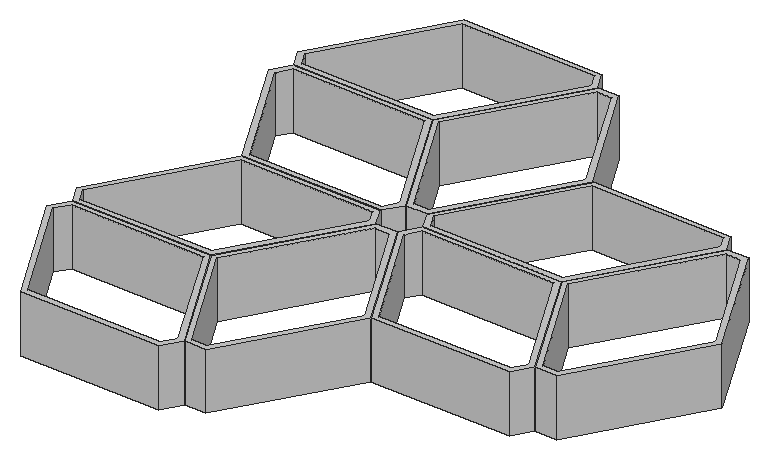
Revit family "CLD-CON-008_RTV", category Modelos genéricos, Revit 2022
Family settings
  Puede alojar armadura = No
  Cota de conector redondo = Diámetro de uso
  Tipo de pieza = Normal
  Se basa en plano de trabajo = No
  Siempre vertical = Sí
  Corte con vacíos al cargar = No
  Mantener orientación de anotación = No
  Compartido = No
  Punto de cálculo de habitación = No
Parameters
  Elevación por defecto = 0.00"
Reference planes (in)
  plane 1 "Centro (Frontal/Posterior)": y = 0
  plane 2: z = 0
  plane 3 "Centro (Izquierda/Derecha)": x = 0
Forms (in)
  Extrusion 1, solid, not visible
    sketch origin (0, 0, 0) x (1, 0, 0) y (0, 1, 0)
      loop
        line (0, 2.25) -> (0, 0) -> (108, 0) -> (108, 2.25) -> (0, 2.25)
    from 0 to 8
  Extrusion 2, solid, not visible
    sketch origin (0, 0, 0) x (1, 0, 0) y (0, 1, 0)
      loop
        line (0, 2.25) -> (0, 0) -> (108, 0) -> (108, 2.25) -> (0, 2.25)
    from 0 to 8
  Extrusion 3, solid, not visible
    sketch origin (0, 8, 0) x (1, 0, 0) y (0, 1, 0)
      loop
        line (0, 2.25) -> (0, 0) -> (108, 0) -> (108, 2.25) -> (0, 2.25)
    from 0 to 8
  Extrusion 4, solid, not visible
    sketch origin (0, 16, 0) x (1, 0, 0) y (0, 1, 0)
      loop
        line (0, 2.25) -> (0, 0) -> (108, 0) -> (108, 2.25) -> (0, 2.25)
    from 0 to 8
  Extrusion 5, solid, not visible
    sketch origin (0, 24, 0) x (1, 0, 0) y (0, 1, 0)
      loop
        line (0, 2.25) -> (0, 0) -> (108, 0) -> (108, 2.25) -> (0, 2.25)
    from 0 to 8
  Extrusion 6, solid, not visible
    sketch origin (0, 32, 0) x (1, 0, 0) y (0, 1, 0)
      loop
        line (0, 2.25) -> (0, 0) -> (108, 0) -> (108, 2.25) -> (0, 2.25)
    from 0 to 8
  Extrusion 7, solid, not visible
    sketch origin (0, 40, 0) x (1, 0, 0) y (0, 1, 0)
      loop
        line (0, 2.25) -> (0, 0) -> (108, 0) -> (108, 2.25) -> (0, 2.25)
    from 0 to 8
  Extrusion 8, solid, not visible
    sketch origin (0, 48, 0) x (1, 0, 0) y (0, 1, 0)
      loop
        line (0, 2.25) -> (0, 0) -> (108, 0) -> (108, 2.25) -> (0, 2.25)
    from 0 to 8
  Extrusion 9, solid, not visible
    sketch origin (0, 56, 0) x (1, 0, 0) y (0, 1, 0)
      loop
        line (0, 2.25) -> (0, 0) -> (108, 0) -> (108, 2.25) -> (0, 2.25)
    from 0 to 8
  Extrusion 10, solid, not visible
    sketch origin (0, 64, 0) x (1, 0, 0) y (0, 1, 0)
      loop
        line (0, 2.25) -> (0, 0) -> (108, 0) -> (108, 2.25) -> (0, 2.25)
    from 0 to 8
  Extrusion 11, solid, not visible
    sketch origin (0, 72, 0) x (1, 0, 0) y (0, 1, 0)
      loop
        line (0, 2.25) -> (0, 0) -> (108, 0) -> (108, 2.25) -> (0, 2.25)
    from 0 to 8
  Extrusion 12, solid, not visible
    sketch origin (0, 80, 0) x (1, 0, 0) y (0, 1, 0)
      loop
        line (0, 2.25) -> (0, 0) -> (108, 0) -> (108, 2.25) -> (0, 2.25)
    from 0 to 8
  Extrusion 13, solid, not visible
    sketch origin (0, 88, 0) x (1, 0, 0) y (0, 1, 0)
      loop
        line (0, 2.25) -> (0, 0) -> (108, 0) -> (108, 2.25) -> (0, 2.25)
    from 0 to 8
  Extrusion 14, solid, not visible
    sketch origin (0, 96, 0) x (1, 0, 0) y (0, 1, 0)
      loop
        line (0, 2.25) -> (0, 0) -> (108, 0) -> (108, 2.25) -> (0, 2.25)
    from 0 to 8
  Extrusion 15, solid, not visible
    sketch origin (0, 104, 0) x (1, 0, 0) y (0, 1, 0)
      loop
        line (0, 2.25) -> (0, 0) -> (108, 0) -> (108, 2.25) -> (0, 2.25)
    from 0 to 8
  Extrusion 16, solid, not visible
    sketch origin (0, 112, 0) x (1, 0, 0) y (0, 1, 0)
      loop
        line (0, 2.25) -> (0, 0) -> (108, 0) -> (108, 2.25) -> (0, 2.25)
    from 0 to 8
  Extrusion 17, solid, not visible
    sketch origin (0, 120, 0) x (1, 0, 0) y (0, 1, 0)
      loop
        line (0, 2.25) -> (0, 0) -> (108, 0) -> (108, 2.25) -> (0, 2.25)
    from 0 to 8
  Extrusion 18, solid, not visible
    sketch origin (0, 128, 0) x (1, 0, 0) y (0, 1, 0)
      loop
        line (0, 2.25) -> (0, 0) -> (108, 0) -> (108, 2.25) -> (0, 2.25)
    from 0 to 8
  Extrusion 19, solid, not visible
    sketch origin (0, 136, 0) x (1, 0, 0) y (0, 1, 0)
      loop
        line (0, 2.25) -> (0, 0) -> (108, 0) -> (108, 2.25) -> (0, 2.25)
    from 0 to 8
  Extrusion 20, solid, not visible
    sketch origin (0, 144, 0) x (1, 0, 0) y (0, 1, 0)
      loop
        line (0, 2.25) -> (0, 0) -> (108, 0) -> (108, 2.25) -> (0, 2.25)
    from 0 to 8
  Extrusion 21, solid, not visible
    sketch origin (0, 152, 0) x (1, 0, 0) y (0, 1, 0)
      loop
        line (0, 2.25) -> (0, 0) -> (108, 0) -> (108, 2.25) -> (0, 2.25)
    from 0 to 8
  Extrusion 22, solid, not visible
    sketch origin (109, 0, 0) x (1, 0, 0) y (0, 1, 0)
      loop
        line (0, 2.25) -> (0, 0) -> (108, 0) -> (108, 2.25) -> (0, 2.25)
    from 0 to 8
  Extrusion 23, solid, not visible
    sketch origin (109, 8, 0) x (1, 0, 0) y (0, 1, 0)
      loop
        line (0, 2.25) -> (0, 0) -> (108, 0) -> (108, 2.25) -> (0, 2.25)
    from 0 to 8
  Extrusion 24, solid, not visible
    sketch origin (109, 16, 0) x (1, 0, 0) y (0, 1, 0)
      loop
        line (0, 2.25) -> (0, 0) -> (108, 0) -> (108, 2.25) -> (0, 2.25)
    from 0 to 8
  Extrusion 25, solid, not visible
    sketch origin (109, 24, 0) x (1, 0, 0) y (0, 1, 0)
      loop
        line (0, 2.25) -> (0, 0) -> (108, 0) -> (108, 2.25) -> (0, 2.25)
    from 0 to 8
  Extrusion 26, solid, not visible
    sketch origin (109, 32, 0) x (1, 0, 0) y (0, 1, 0)
      loop
        line (0, 2.25) -> (0, 0) -> (108, 0) -> (108, 2.25) -> (0, 2.25)
    from 0 to 8
  Extrusion 27, solid, not visible
    sketch origin (109, 40, 0) x (1, 0, 0) y (0, 1, 0)
      loop
        line (0, 2.25) -> (0, 0) -> (108, 0) -> (108, 2.25) -> (0, 2.25)
    from 0 to 8
  Extrusion 28, solid, not visible
    sketch origin (109, 48, 0) x (1, 0, 0) y (0, 1, 0)
      loop
        line (0, 2.25) -> (0, 0) -> (108, 0) -> (108, 2.25) -> (0, 2.25)
    from 0 to 8
  Extrusion 29, solid, not visible
    sketch origin (109, 56, 0) x (1, 0, 0) y (0, 1, 0)
      loop
        line (0, 2.25) -> (0, 0) -> (108, 0) -> (108, 2.25) -> (0, 2.25)
    from 0 to 8
  Extrusion 30, solid, not visible
    sketch origin (109, 64, 0) x (1, 0, 0) y (0, 1, 0)
      loop
        line (0, 2.25) -> (0, 0) -> (108, 0) -> (108, 2.25) -> (0, 2.25)
    from 0 to 8
  Extrusion 31, solid, not visible
    sketch origin (109, 72, 0) x (1, 0, 0) y (0, 1, 0)
      loop
        line (0, 2.25) -> (0, 0) -> (108, 0) -> (108, 2.25) -> (0, 2.25)
    from 0 to 8
  Extrusion 32, solid, not visible
    sketch origin (109, 80, 0) x (1, 0, 0) y (0, 1, 0)
      loop
        line (0, 2.25) -> (0, 0) -> (108, 0) -> (108, 2.25) -> (0, 2.25)
    from 0 to 8
  Extrusion 33, solid, not visible
    sketch origin (109, 88, 0) x (1, 0, 0) y (0, 1, 0)
      loop
        line (0, 2.25) -> (0, 0) -> (108, 0) -> (108, 2.25) -> (0, 2.25)
    from 0 to 8
  Extrusion 34, solid, not visible
    sketch origin (109, 96, 0) x (1, 0, 0) y (0, 1, 0)
      loop
        line (0, 2.25) -> (0, 0) -> (108, 0) -> (108, 2.25) -> (0, 2.25)
    from 0 to 8
  Extrusion 35, solid, not visible
    sketch origin (109, 104, 0) x (1, 0, 0) y (0, 1, 0)
      loop
        line (0, 2.25) -> (0, 0) -> (108, 0) -> (108, 2.25) -> (0, 2.25)
    from 0 to 8
  Extrusion 36, solid, not visible
    sketch origin (109, 112, 0) x (1, 0, 0) y (0, 1, 0)
      loop
        line (0, 2.25) -> (0, 0) -> (108, 0) -> (108, 2.25) -> (0, 2.25)
    from 0 to 8
  Extrusion 37, solid, not visible
    sketch origin (109, 120, 0) x (1, 0, 0) y (0, 1, 0)
      loop
        line (0, 2.25) -> (0, 0) -> (108, 0) -> (108, 2.25) -> (0, 2.25)
    from 0 to 8
  Extrusion 38, solid, not visible
    sketch origin (109, 128, 0) x (1, 0, 0) y (0, 1, 0)
      loop
        line (0, 2.25) -> (0, 0) -> (108, 0) -> (108, 2.25) -> (0, 2.25)
    from 0 to 8
  Extrusion 39, solid, not visible
    sketch origin (109, 136, 0) x (1, 0, 0) y (0, 1, 0)
      loop
        line (0, 2.25) -> (0, 0) -> (108, 0) -> (108, 2.25) -> (0, 2.25)
    from 0 to 8
  Extrusion 40, solid, not visible
    sketch origin (109, 144, 0) x (1, 0, 0) y (0, 1, 0)
      loop
        line (0, 2.25) -> (0, 0) -> (108, 0) -> (108, 2.25) -> (0, 2.25)
    from 0 to 8
  Extrusion 41, solid, not visible
    sketch origin (109, 152, 0) x (1, 0, 0) y (0, 1, 0)
      loop
        line (0, 2.25) -> (0, 0) -> (108, 0) -> (108, 2.25) -> (0, 2.25)
    from 0 to 8
  Extrusion 42, solid, not visible
    sketch origin (-108, 0, 0) x (1, 0, 0) y (0, 1, 0)
      loop
        line (0, 2.25) -> (0, 0) -> (108, 0) -> (108, 2.25) -> (0, 2.25)
    from 0 to 8
  Extrusion 43, solid, not visible
    sketch origin (-108, 8, 0) x (1, 0, 0) y (0, 1, 0)
      loop
        line (0, 2.25) -> (0, 0) -> (108, 0) -> (108, 2.25) -> (0, 2.25)
    from 0 to 8
  Extrusion 44, solid, not visible
    sketch origin (-108, 16, 0) x (1, 0, 0) y (0, 1, 0)
      loop
        line (0, 2.25) -> (0, 0) -> (108, 0) -> (108, 2.25) -> (0, 2.25)
    from 0 to 8
  Extrusion 45, solid, not visible
    sketch origin (-108, 24, 0) x (1, 0, 0) y (0, 1, 0)
      loop
        line (0, 2.25) -> (0, 0) -> (108, 0) -> (108, 2.25) -> (0, 2.25)
    from 0 to 8
  Extrusion 46, solid, not visible
    sketch origin (-108, 32, 0) x (1, 0, 0) y (0, 1, 0)
      loop
        line (0, 2.25) -> (0, 0) -> (108, 0) -> (108, 2.25) -> (0, 2.25)
    from 0 to 8
  Extrusion 47, solid, not visible
    sketch origin (-108, 40, 0) x (1, 0, 0) y (0, 1, 0)
      loop
        line (0, 2.25) -> (0, 0) -> (108, 0) -> (108, 2.25) -> (0, 2.25)
    from 0 to 8
  Extrusion 48, solid, not visible
    sketch origin (1, 0, 0) x (1, 0, 0) y (0, 1, 0)
      loop
        line (0, 2.25) -> (0, 0) -> (108, 0) -> (108, 2.25) -> (0, 2.25)
    from 0 to 8
  Extrusion 49, solid, not visible
    sketch origin (1, 8, 0) x (1, 0, 0) y (0, 1, 0)
      loop
        line (0, 2.25) -> (0, 0) -> (108, 0) -> (108, 2.25) -> (0, 2.25)
    from 0 to 8
  Extrusion 50, solid, not visible
    sketch origin (1, 16, 0) x (1, 0, 0) y (0, 1, 0)
      loop
        line (0, 2.25) -> (0, 0) -> (108, 0) -> (108, 2.25) -> (0, 2.25)
    from 0 to 8
  Extrusion 51, solid, not visible
    sketch origin (1, 24, 0) x (1, 0, 0) y (0, 1, 0)
      loop
        line (0, 2.25) -> (0, 0) -> (108, 0) -> (108, 2.25) -> (0, 2.25)
    from 0 to 8
  Extrusion 52, solid, not visible
    sketch origin (1, 32, 0) x (1, 0, 0) y (0, 1, 0)
      loop
        line (0, 2.25) -> (0, 0) -> (108, 0) -> (108, 2.25) -> (0, 2.25)
    from 0 to 8
  Extrusion 53, solid, not visible
    sketch origin (1, 40, 0) x (1, 0, 0) y (0, 1, 0)
      loop
        line (0, 2.25) -> (0, 0) -> (108, 0) -> (108, 2.25) -> (0, 2.25)
    from 0 to 8
  Extrusion 54, solid, not visible
    sketch origin (-108, 48, 0) x (1, 0, 0) y (0, 1, 0)
      loop
        line (0, 2.25) -> (0, 0) -> (108, 0) -> (108, 2.25) -> (0, 2.25)
    from 0 to 8
  Extrusion 55, solid, not visible
    sketch origin (-108, 56, 0) x (1, 0, 0) y (0, 1, 0)
      loop
        line (0, 2.25) -> (0, 0) -> (108, 0) -> (108, 2.25) -> (0, 2.25)
    from 0 to 8
  Extrusion 56, solid, not visible
    sketch origin (-108, 64, 0) x (1, 0, 0) y (0, 1, 0)
      loop
        line (0, 2.25) -> (0, 0) -> (108, 0) -> (108, 2.25) -> (0, 2.25)
    from 0 to 8
  Extrusion 57, solid, not visible
    sketch origin (-108, 72, 0) x (1, 0, 0) y (0, 1, 0)
      loop
        line (0, 2.25) -> (0, 0) -> (108, 0) -> (108, 2.25) -> (0, 2.25)
    from 0 to 8
  Extrusion 58, solid, not visible
    sketch origin (-108, 80, 0) x (1, 0, 0) y (0, 1, 0)
      loop
        line (0, 2.25) -> (0, 0) -> (108, 0) -> (108, 2.25) -> (0, 2.25)
    from 0 to 8
  Extrusion 59, solid, not visible
    sketch origin (1, 48, 0) x (1, 0, 0) y (0, 1, 0)
      loop
        line (0, 2.25) -> (0, 0) -> (108, 0) -> (108, 2.25) -> (0, 2.25)
    from 0 to 8
  Extrusion 60, solid, not visible
    sketch origin (1, 56, 0) x (1, 0, 0) y (0, 1, 0)
      loop
        line (0, 2.25) -> (0, 0) -> (108, 0) -> (108, 2.25) -> (0, 2.25)
    from 0 to 8
  Extrusion 61, solid, not visible
    sketch origin (1, 64, 0) x (1, 0, 0) y (0, 1, 0)
      loop
        line (0, 2.25) -> (0, 0) -> (108, 0) -> (108, 2.25) -> (0, 2.25)
    from 0 to 8
  Extrusion 62, solid, not visible
    sketch origin (1, 72, 0) x (1, 0, 0) y (0, 1, 0)
      loop
        line (0, 2.25) -> (0, 0) -> (108, 0) -> (108, 2.25) -> (0, 2.25)
    from 0 to 8
  Extrusion 63, solid, not visible
    sketch origin (1, 80, 0) x (1, 0, 0) y (0, 1, 0)
      loop
        line (0, 2.25) -> (0, 0) -> (108, 0) -> (108, 2.25) -> (0, 2.25)
    from 0 to 8
  Extrusion 64, solid, not visible
    sketch origin (-108, 88, 0) x (1, 0, 0) y (0, 1, 0)
      loop
        line (0, 2.25) -> (0, 0) -> (108, 0) -> (108, 2.25) -> (0, 2.25)
    from 0 to 8
  Extrusion 65, solid, not visible
    sketch origin (-108, 96, 0) x (1, 0, 0) y (0, 1, 0)
      loop
        line (0, 2.25) -> (0, 0) -> (108, 0) -> (108, 2.25) -> (0, 2.25)
    from 0 to 8
  Extrusion 66, solid, not visible
    sketch origin (-108, 104, 0) x (1, 0, 0) y (0, 1, 0)
      loop
        line (0, 2.25) -> (0, 0) -> (108, 0) -> (108, 2.25) -> (0, 2.25)
    from 0 to 8
  Extrusion 67, solid, not visible
    sketch origin (-108, 112, 0) x (1, 0, 0) y (0, 1, 0)
      loop
        line (0, 2.25) -> (0, 0) -> (108, 0) -> (108, 2.25) -> (0, 2.25)
    from 0 to 8
  Extrusion 68, solid, not visible
    sketch origin (-108, 120, 0) x (1, 0, 0) y (0, 1, 0)
      loop
        line (0, 2.25) -> (0, 0) -> (108, 0) -> (108, 2.25) -> (0, 2.25)
    from 0 to 8
  Extrusion 69, solid, not visible
    sketch origin (1, 88, 0) x (1, 0, 0) y (0, 1, 0)
      loop
        line (0, 2.25) -> (0, 0) -> (108, 0) -> (108, 2.25) -> (0, 2.25)
    from 0 to 8
  Extrusion 70, solid, not visible
    sketch origin (1, 96, 0) x (1, 0, 0) y (0, 1, 0)
      loop
        line (0, 2.25) -> (0, 0) -> (108, 0) -> (108, 2.25) -> (0, 2.25)
    from 0 to 8
  Extrusion 71, solid, not visible
    sketch origin (1, 104, 0) x (1, 0, 0) y (0, 1, 0)
      loop
        line (0, 2.25) -> (0, 0) -> (108, 0) -> (108, 2.25) -> (0, 2.25)
    from 0 to 8
  Extrusion 72, solid, not visible
    sketch origin (1, 112, 0) x (1, 0, 0) y (0, 1, 0)
      loop
        line (0, 2.25) -> (0, 0) -> (108, 0) -> (108, 2.25) -> (0, 2.25)
    from 0 to 8
  Extrusion 73, solid, not visible
    sketch origin (1, 120, 0) x (1, 0, 0) y (0, 1, 0)
      loop
        line (0, 2.25) -> (0, 0) -> (108, 0) -> (108, 2.25) -> (0, 2.25)
    from 0 to 8
  Extrusion 74, solid, not visible
    sketch origin (-108, 128, 0) x (1, 0, 0) y (0, 1, 0)
      loop
        line (0, 2.25) -> (0, 0) -> (108, 0) -> (108, 2.25) -> (0, 2.25)
    from 0 to 8
  Extrusion 75, solid, not visible
    sketch origin (-108, 136, 0) x (1, 0, 0) y (0, 1, 0)
      loop
        line (0, 2.25) -> (0, 0) -> (108, 0) -> (108, 2.25) -> (0, 2.25)
    from 0 to 8
  Extrusion 76, solid, not visible
    sketch origin (-108, 144, 0) x (1, 0, 0) y (0, 1, 0)
      loop
        line (0, 2.25) -> (0, 0) -> (108, 0) -> (108, 2.25) -> (0, 2.25)
    from 0 to 8
  Extrusion 77, solid, not visible
    sketch origin (-108, 152, 0) x (1, 0, 0) y (0, 1, 0)
      loop
        line (0, 2.25) -> (0, 0) -> (108, 0) -> (108, 2.25) -> (0, 2.25)
    from 0 to 8
  Extrusion 78, solid, not visible
    sketch origin (-108, 160, 0) x (1, 0, 0) y (0, 1, 0)
      loop
        line (0, 2.25) -> (0, 0) -> (108, 0) -> (108, 2.25) -> (0, 2.25)
    from 0 to 8
  Extrusion 79, solid, not visible
    sketch origin (1, 128, 0) x (1, 0, 0) y (0, 1, 0)
      loop
        line (0, 2.25) -> (0, 0) -> (108, 0) -> (108, 2.25) -> (0, 2.25)
    from 0 to 8
  Extrusion 80, solid, not visible
    sketch origin (1, 136, 0) x (1, 0, 0) y (0, 1, 0)
      loop
        line (0, 2.25) -> (0, 0) -> (108, 0) -> (108, 2.25) -> (0, 2.25)
    from 0 to 8
  Extrusion 81, solid, not visible
    sketch origin (1, 144, 0) x (1, 0, 0) y (0, 1, 0)
      loop
        line (0, 2.25) -> (0, 0) -> (108, 0) -> (108, 2.25) -> (0, 2.25)
    from 0 to 8
  Extrusion 82, solid, not visible
    sketch origin (1, 152, 0) x (1, 0, 0) y (0, 1, 0)
      loop
        line (0, 2.25) -> (0, 0) -> (108, 0) -> (108, 2.25) -> (0, 2.25)
    from 0 to 8
  Extrusion 83, solid, not visible
    sketch origin (1, 160, 0) x (1, 0, 0) y (0, 1, 0)
      loop
        line (0, 2.25) -> (0, 0) -> (108, 0) -> (108, 2.25) -> (0, 2.25)
    from 0 to 8
  Extrusion 84, solid, not visible
    sketch origin (0, 0, 0) x (1, 0, 0) y (0, 1, 0)
      loop
        line (0, 3) -> (0, 0) -> (108, 0) -> (108, 3) -> (0, 3)
    from 0 to 8
  Extrusion 85, void, not visible
    sketch origin (0, 0, 0) x (1, 0, 0) y (0, 1, 0)
      loop
        line (6, 2) -> (6, 1) -> (66, 1) -> (66, 2) -> (6, 2)
    from 0 to 1.03
  Extrusion 86, solid, not visible
    sketch origin (0, 0, 0) x (1, 0, 0) y (0, 1, 0)
      loop
        line (0, 3) -> (0, 0) -> (108, 0) -> (108, 3) -> (0, 3)
    from 0 to 8
  Extrusion 87, void, not visible
    sketch origin (0, 0, 0) x (1, 0, 0) y (0, 1, 0)
      loop
        line (6, 2) -> (6, 1) -> (66, 1) -> (66, 2) -> (6, 2)
    from 0 to 1.03
  Extrusion 88, solid, not visible
    sketch origin (0, 0, 0) x (1, 0, 0) y (0, 1, 0)
      loop
        line (6, 2) -> (6, 1) -> (66, 1) -> (66, 2) -> (6, 2)
    from 0 to 1.03
  Extrusion 89, solid, not visible
    sketch origin (0, 32, 0) x (1, 0, 0) y (0, 1, 0)
      loop
        line (0, 3) -> (0, 0) -> (108, 0) -> (108, 3) -> (0, 3)
    from 0 to 8
  Extrusion 90, void, not visible
    sketch origin (0, 32, 0) x (1, 0, 0) y (0, 1, 0)
      loop
        line (6, 2) -> (6, 1) -> (102, 1) -> (102, 2) -> (6, 2)
    from 0 to 1.03
  Extrusion 91, solid, not visible
    sketch origin (8.95842, -18.67436, 0) x (1, 0, 0) y (0, 1, 0)
      loop
        line (-8.48642, 97.64679) -> (-8.48642, 97.17436) -> (98.56914, 97.17436) -> (98.56914, 97.64679) -> (-8.48642, 97.64679)
    from 0.59055 to 8
  Extrusion 92, solid, not visible
    sketch origin (8.95842, -16.6468, 0) x (1, 0, 0) y (0, 1, 0)
      loop
        line (-8.48642, 97.64679) -> (-8.48642, 97.17436) -> (98.56914, 97.17436) -> (98.56914, 97.64679) -> (-8.48642, 97.64679)
    from 0.59055 to 8
  Extrusion 93, solid, not visible
    sketch origin (60.46912, 110.28574, 0) x (1, 0, 0) y (0, 1, 0)
      loop
        line (45.03088, -29.28574) -> (-57.96911, -29.28574) -> (-57.96911, -31.78574) -> (45.03088, -31.78574) -> (45.03088, -29.28574)
      loop
        line (23.78088, -31.03574) -> (41.78088, -31.03574) -> (41.78088, -30.03574) -> (23.78088, -30.03574) -> (23.78088, -31.03574)
      loop
        line (-54.71912, -31.03574) -> (-36.71912, -31.03574) -> (-36.71912, -30.03574) -> (-54.71912, -30.03574) -> (-54.71912, -31.03574)
    from 0 to 0.59055
  Extrusion 94, solid, not visible
    sketch origin (108, 51.5, 0) x (0, 1, 0) y (-1, 0, 0)
      loop
        line (27.75, 102.25) -> (27.75, 84.25) -> (28.75, 84.25) -> (28.75, 102.25) -> (27.75, 102.25)
    from 0 to 1
  Extrusion 95, solid, not visible
    sketch origin (186.5, 51.5, 0) x (0, 1, 0) y (-1, 0, 0)
      loop
        line (27.75, 102.25) -> (27.75, 84.25) -> (28.75, 84.25) -> (28.75, 102.25) -> (27.75, 102.25)
    from 0 to 1
  Extrusion 96, solid, not visible
    sketch origin (8.95842, -44.42438, 0) x (1, 0, 0) y (0, 1, 0)
      loop
        line (-8.48642, 97.64679) -> (-8.48642, 97.17436) -> (98.56914, 97.17436) -> (98.56914, 97.64679) -> (-8.48642, 97.64679)
    from 0.59055 to 8
  Extrusion 97, solid, not visible
    sketch origin (8.95842, -42.39682, 0) x (1, 0, 0) y (0, 1, 0)
      loop
        line (-8.48642, 97.64679) -> (-8.48642, 97.17436) -> (98.56914, 97.17436) -> (98.56914, 97.64679) -> (-8.48642, 97.64679)
    from 0.59055 to 8
  Extrusion 98, solid, not visible
    sketch origin (60.46912, 84.53571, 0) x (1, 0, 0) y (0, 1, 0)
      loop
        line (45.03088, -29.28574) -> (-57.96911, -29.28574) -> (-57.96911, -31.78574) -> (45.03088, -31.78574) -> (45.03088, -29.28574)
      loop
        line (-28.96912, -31.03574) -> (-10.96912, -31.03574) -> (-10.96912, -30.03574) -> (-28.96912, -30.03574) -> (-28.96912, -31.03574)
      loop
        line (-3.21912, -31.03571) -> (14.78088, -31.03571) -> (14.78088, -30.03571) -> (-3.21912, -30.03571) -> (-3.21912, -31.03571)
    from 0 to 0.59055
  Extrusion 99, solid, not visible
    sketch origin (133.74998, 25.74998, 0) x (0, 1, 0) y (-1, 0, 0)
      loop
        line (27.75, 102.25) -> (27.75, 84.25) -> (28.75, 84.25) -> (28.75, 102.25) -> (27.75, 102.25)
    from 0 to 1
  Extrusion 100, solid, not visible
    sketch origin (159.49998, 25.74998, 0) x (0, 1, 0) y (-1, 0, 0)
      loop
        line (27.75, 102.25) -> (27.75, 84.25) -> (28.75, 84.25) -> (28.75, 102.25) -> (27.75, 102.25)
    from 0 to 1
  Extrusion 101, solid, not visible
    sketch origin (8.95842, -70.17436, 0) x (1, 0, 0) y (0, 1, 0)
      loop
        line (-8.48642, 97.64679) -> (-8.48642, 97.17436) -> (98.56914, 97.17436) -> (98.56914, 97.64679) -> (-8.48642, 97.64679)
    from 0.59055 to 8
  Extrusion 102, solid, not visible
    sketch origin (8.95842, -68.1468, 0) x (1, 0, 0) y (0, 1, 0)
      loop
        line (-8.48642, 97.64679) -> (-8.48642, 97.17436) -> (98.56914, 97.17436) -> (98.56914, 97.64679) -> (-8.48642, 97.64679)
    from 0.59055 to 8
  Extrusion 103, solid, not visible
    sketch origin (60.46912, 58.78574, 0) x (1, 0, 0) y (0, 1, 0)
      loop
        line (45.03088, -29.28574) -> (-57.96911, -29.28574) -> (-57.96911, -31.78574) -> (45.03088, -31.78574) -> (45.03088, -29.28574)
      loop
        line (23.78088, -31.03574) -> (41.78088, -31.03574) -> (41.78088, -30.03574) -> (23.78088, -30.03574) -> (23.78088, -31.03574)
      loop
        line (-54.71912, -31.03574) -> (-36.71912, -31.03574) -> (-36.71912, -30.03574) -> (-54.71912, -30.03574) -> (-54.71912, -31.03574)
    from 0 to 0.59055
  Extrusion 104, solid, not visible
    sketch origin (108, 0, 0) x (0, 1, 0) y (-1, 0, 0)
      loop
        line (27.75, 102.25) -> (27.75, 84.25) -> (28.75, 84.25) -> (28.75, 102.25) -> (27.75, 102.25)
    from 0 to 1
  Extrusion 105, solid, not visible
    sketch origin (186.5, 0, 0) x (0, 1, 0) y (-1, 0, 0)
      loop
        line (27.75, 102.25) -> (27.75, 84.25) -> (28.75, 84.25) -> (28.75, 102.25) -> (27.75, 102.25)
    from 0 to 1
  Extrusion 106, solid, not visible
    sketch origin (-70.17436, 99.04114, 0) x (0, -1, 0) y (1, 0, 0)
      loop
        line (-8.48642, 97.64679) -> (-8.48642, 97.17436) -> (98.56914, 97.17436) -> (98.56914, 97.64679) -> (-8.48642, 97.64679)
    from 0.59055 to 8
  Extrusion 107, solid, not visible
    sketch origin (-68.1468, 99.04114, 0) x (0, -1, 0) y (1, 0, 0)
      loop
        line (-8.48642, 97.64679) -> (-8.48642, 97.17436) -> (98.56914, 97.17436) -> (98.56914, 97.64679) -> (-8.48642, 97.64679)
    from 0.59055 to 8
  Extrusion 108, solid, not visible
    sketch origin (-2.28571, 86.21912, 0) x (0, 1, 0) y (-1, 0, 0)
      loop
        line (19.28088, -29.28574) -> (-83.71912, -29.28574) -> (-83.71912, -31.78574) -> (19.28088, -31.78574) -> (19.28088, -29.28574)
      loop
        line (16.03088, -31.03571) -> (16.03088, -30.03571) -> (-1.96912, -30.03571) -> (-1.96912, -31.03571) -> (16.03088, -31.03571)
      loop
        line (-62.46912, -31.03571) -> (-62.46912, -30.03571) -> (-80.46912, -30.03571) -> (-80.46912, -31.03571) -> (-62.46912, -31.03571)
    from 0 to 0.59055
  Extrusion 109, solid, not visible
    sketch origin (0, 0, 0) x (1, 0, 0) y (0, 1, 0)
      loop
        line (27.75, 102.25) -> (27.75, 84.25) -> (28.75, 84.25) -> (28.75, 102.25) -> (27.75, 102.25)
    from 0 to 1
  Extrusion 110, solid, not visible
    sketch origin (0, -78.5, 0) x (1, 0, 0) y (0, 1, 0)
      loop
        line (27.75, 102.25) -> (27.75, 84.25) -> (28.75, 84.25) -> (28.75, 102.25) -> (27.75, 102.25)
    from 0 to 1
  Extrusion 111, solid, not visible
    sketch origin (-44.89438, 99.04114, 0) x (0, -1, 0) y (1, 0, 0)
      loop
        line (-8.48642, 97.64679) -> (-8.48642, 97.17436) -> (98.56914, 97.17436) -> (98.56914, 97.64679) -> (-8.48642, 97.64679)
    from 0.59055 to 8
  Extrusion 112, solid, not visible
    sketch origin (-42.39682, 99.04114, 0) x (0, -1, 0) y (1, 0, 0)
      loop
        line (-8.48642, 97.64679) -> (-8.48642, 97.17436) -> (98.56914, 97.17436) -> (98.56914, 97.64679) -> (-8.48642, 97.64679)
    from 0.59055 to 8
  Extrusion 113, solid, not visible
    sketch origin (23.46427, 86.21912, 0) x (0, 1, 0) y (-1, 0, 0)
      loop
        line (19.28088, -28.81571) -> (-83.71912, -28.81571) -> (-83.71912, -31.78574) -> (19.28088, -31.78574) -> (19.28088, -28.81571)
      loop
        line (-28.96912, -29.78573) -> (-28.96912, -30.78571) -> (-10.96912, -30.78571) -> (-10.96912, -29.78573) -> (-28.96912, -29.78573)
      loop
        line (-54.71914, -29.78573) -> (-54.71914, -30.78573) -> (-36.71914, -30.78573) -> (-36.71914, -29.78573) -> (-54.71914, -29.78573)
    from 0 to 0.59055
  Extrusion 114, solid, not visible
    sketch origin (25.74998, -27, 0) x (1, 0, 0) y (0, 1, 0)
      loop
        line (27.50002, 102.25) -> (27.50002, 84.25) -> (28.5, 84.25) -> (28.5, 102.25) -> (27.50002, 102.25)
    from 0 to 1
  Extrusion 115, solid, not visible
    sketch origin (25.74998, -52.75002, 0) x (1, 0, 0) y (0, 1, 0)
      loop
        line (27.50002, 102.25) -> (27.50002, 84.25) -> (28.50002, 84.25) -> (28.50002, 102.25) -> (27.50002, 102.25)
    from 0 to 1
  Extrusion 116, solid, not visible
    sketch origin (-18.67436, 99.04114, 0) x (0, -1, 0) y (1, 0, 0)
      loop
        line (-8.48642, 97.64679) -> (-8.48642, 97.17436) -> (98.56914, 97.17436) -> (98.56914, 97.64679) -> (-8.48642, 97.64679)
    from 0.59055 to 8
  Extrusion 117, solid, not visible
    sketch origin (-16.6468, 99.04114, 0) x (0, -1, 0) y (1, 0, 0)
      loop
        line (-8.48642, 97.64679) -> (-8.48642, 97.17436) -> (98.56914, 97.17436) -> (98.56914, 97.64679) -> (-8.48642, 97.64679)
    from 0.59055 to 8
  Extrusion 118, solid, not visible
    sketch origin (49.21426, 86.21912, 0) x (0, 1, 0) y (-1, 0, 0)
      loop
        line (19.28088, -29.28574) -> (-83.71912, -29.28574) -> (-83.71912, -31.78574) -> (19.28088, -31.78574) -> (19.28088, -29.28574)
      loop
        line (16.03088, -31.03571) -> (16.03088, -30.03571) -> (-1.96912, -30.03571) -> (-1.96912, -31.03571) -> (16.03088, -31.03571)
      loop
        line (-62.46912, -31.03571) -> (-62.46912, -30.03571) -> (-80.46912, -30.03571) -> (-80.46912, -31.03571) -> (-62.46912, -31.03571)
    from 0 to 0.59055
  Extrusion 119, solid, not visible
    sketch origin (51.49997, 0, 0) x (1, 0, 0) y (0, 1, 0)
      loop
        line (27.75, 102.25) -> (27.75, 84.25) -> (28.75, 84.25) -> (28.75, 102.25) -> (27.75, 102.25)
    from 0 to 1
  Extrusion 120, solid, not visible
    sketch origin (51.49997, -78.5, 0) x (1, 0, 0) y (0, 1, 0)
      loop
        line (27.75, 102.25) -> (27.75, 84.25) -> (28.75, 84.25) -> (28.75, 102.25) -> (27.75, 102.25)
    from 0 to 1
  Extrusion 121, solid, not visible
    sketch origin (10.23509, 91.82771, 0) x (0, -1, 0) y (1, 0, 0)
      loop
        line (-16.17229, 97.76491) -> (-15.69986, 97.29248) -> (91.35527, 97.29248) -> (91.82771, 97.76491) -> (-16.17229, 97.76491)
    from 0.59055 to 8
  Extrusion 122, solid, not visible
    sketch origin (137.28574, 61.88413, 0) x (0, 1, 0) y (-1, 0, 0)
      loop
        line (46.11587, 29.28574) -> (43.61587, 31.78574) -> (-59.38412, 31.78574) -> (-61.88412, 29.28574) -> (46.11587, 29.28574)
    from 0 to 0.59055
  Extrusion 123, solid, not visible
    sketch origin (8.20754, 91.82771, 0) x (0, -1, 0) y (1, 0, 0)
      loop
        line (-14.14474, 97.76491) -> (-13.67231, 97.29248) -> (89.32772, 97.29248) -> (89.80016, 97.76491) -> (-14.14474, 97.76491)
    from 0.59055 to 8.22418
  Extrusion 124, solid, not visible
    sketch origin (18.95842, 10.23509, 0) x (1, 0, 0) y (0, 1, 0)
      loop
        line (-18.95842, 97.76491) -> (-18.48598, 97.29247) -> (88.56914, 97.29247) -> (89.04158, 97.76491) -> (-18.95842, 97.76491)
    from 0.59055 to 8
  Extrusion 125, solid, not visible
    sketch origin (61.88413, 137.28574, 0) x (1, 0, 0) y (0, 1, 0)
      loop
        line (46.11587, -29.28574) -> (-61.88412, -29.28574) -> (-59.38412, -31.78574) -> (43.61587, -31.78574) -> (46.11587, -29.28574)
    from 0 to 0.59055
  Extrusion 126, solid, not visible
    sketch origin (18.95842, 8.20753, 0) x (1, 0, 0) y (0, 1, 0)
      loop
        line (-16.93086, 97.76491) -> (-16.45842, 97.29247) -> (86.54158, 97.29247) -> (87.01402, 97.76491) -> (-16.93086, 97.76491)
    from 0.59055 to 8
  Extrusion 127, solid, not visible
    sketch origin (-101.24865, 87.31603, 0) x (0, -1, 0) y (1, 0, 0)
      loop
        line (-20.21152, 101.72109) -> (-20.68397, 101.24865) -> (87.31604, 101.24865) -> (86.84359, 101.72109) -> (-20.21152, 101.72109)
    from 0.47244 to 8
  Extrusion 128, solid, not visible
    sketch origin (-29.28573, 61.88413, 0) x (0, 1, 0) y (-1, 0, 0)
      loop
        line (46.11587, -29.28574) -> (-61.88412, -29.28574) -> (-59.38412, -31.78574) -> (43.61587, -31.78574) -> (46.11587, -29.28574)
    from 0 to 0.59055
  Extrusion 129, solid, not visible
    sketch origin (-99.22109, 87.31603, 0) x (0, -1, 0) y (1, 0, 0)
      loop
        line (-18.18396, 101.72109) -> (-18.65641, 101.24865) -> (85.28848, 101.24865) -> (84.81603, 101.72109) -> (-18.18396, 101.72109)
    from 0.47244 to 8
  Extrusion 130, solid, not visible
    sketch origin (61.88413, -29.28574, 0) x (1, 0, 0) y (0, 1, 0)
      loop
        line (46.11587, 29.28574) -> (43.61587, 31.78574) -> (-59.38412, 31.78574) -> (-61.88412, 29.28574) -> (46.11587, 29.28574)
    from 0 to 0.47244
  Extrusion 131, solid, not visible
    sketch origin (8.95842, -97.17435, 0) x (1, 0, 0) y (0, 1, 0)
      loop
        line (-8.48598, 97.64679) -> (-8.95842, 97.17436) -> (99.04157, 97.17436) -> (98.56914, 97.64679) -> (-8.48598, 97.64679)
    from 0.59055 to 8
  Extrusion 132, solid, not visible
    sketch origin (8.95842, -95.14679, 0) x (1, 0, 0) y (0, 1, 0)
      loop
        line (-6.45842, 97.64679) -> (-6.93085, 97.17436) -> (97.01401, 97.17436) -> (96.54158, 97.64679) -> (-6.45842, 97.64679)
    from 0.59055 to 8
  Extrusion 133, solid, not visible
    sketch origin (61.88413, -29.28574, 0) x (1, 0, 0) y (0, 1, 0)
      loop
        line (46.11587, 29.28574) -> (43.61587, 31.78574) -> (-59.38412, 31.78574) -> (-61.88412, 29.28574) -> (46.11587, 29.28574)
    from 0 to 0.47244
  Extrusion 134, solid, not visible
    sketch origin (18.95842, 10.23509, 0) x (1, 0, 0) y (0, 1, 0)
      loop
        line (-18.95842, 97.76491) -> (-18.48598, 97.29247) -> (88.56914, 97.29247) -> (89.04158, 97.76491) -> (-18.95842, 97.76491)
    from 0.59055 to 8
  Extrusion 135, solid, not visible
    sketch origin (8.95842, -97.17435, 0) x (1, 0, 0) y (0, 1, 0)
      loop
        line (-8.48598, 97.64679) -> (-8.95842, 97.17436) -> (99.04157, 97.17436) -> (98.56914, 97.64679) -> (-8.48598, 97.64679)
    from 0.59055 to 8
  Extrusion 136, solid, not visible
    sketch origin (10.23509, 91.82771, 0) x (0, -1, 0) y (1, 0, 0)
      loop
        line (-16.17229, 97.76491) -> (-15.69986, 97.29248) -> (91.35527, 97.29248) -> (91.82771, 97.76491) -> (-16.17229, 97.76491)
    from 0.59055 to 8
  Extrusion 137, solid, not visible
    sketch origin (-101.24865, 87.31603, 0) x (0, -1, 0) y (1, 0, 0)
      loop
        line (-20.21152, 101.72109) -> (-20.68397, 101.24865) -> (87.31604, 101.24865) -> (86.84359, 101.72109) -> (-20.21152, 101.72109)
    from 0.47244 to 8
  Extrusion 138, solid, not visible
    sketch origin (61.88413, 137.28574, 0) x (1, 0, 0) y (0, 1, 0)
      loop
        line (46.11587, -29.28574) -> (-61.88412, -29.28574) -> (-59.38412, -31.78574) -> (43.61587, -31.78574) -> (46.11587, -29.28574)
    from 0 to 0.59055
  Extrusion 139, solid, not visible
    sketch origin (-29.28573, 61.88413, 0) x (0, 1, 0) y (-1, 0, 0)
      loop
        line (46.11587, -29.28574) -> (-61.88412, -29.28574) -> (-59.38412, -31.78574) -> (43.61587, -31.78574) -> (46.11587, -29.28574)
    from 0 to 0.59055
  Extrusion 140, solid, not visible
    sketch origin (137.28574, 61.88413, 0) x (0, 1, 0) y (-1, 0, 0)
      loop
        line (46.11587, 29.28574) -> (43.61587, 31.78574) -> (-59.38412, 31.78574) -> (-61.88412, 29.28574) -> (46.11587, 29.28574)
    from 0 to 0.59055
  Extrusion 141, solid, not visible
    sketch origin (8.95842, -95.14679, 0) x (1, 0, 0) y (0, 1, 0)
      loop
        line (-6.45842, 97.64679) -> (-6.93085, 97.17436) -> (97.01401, 97.17436) -> (96.54158, 97.64679) -> (-6.45842, 97.64679)
    from 0.59055 to 8
  Extrusion 142, solid, not visible
    sketch origin (-99.22109, 87.31603, 0) x (0, -1, 0) y (1, 0, 0)
      loop
        line (-18.18396, 101.72109) -> (-18.65641, 101.24865) -> (85.28848, 101.24865) -> (84.81603, 101.72109) -> (-18.18396, 101.72109)
    from 0.47244 to 8
  Extrusion 143, solid, not visible
    sketch origin (18.95842, 8.20753, 0) x (1, 0, 0) y (0, 1, 0)
      loop
        line (-16.93086, 97.76491) -> (-16.45842, 97.29247) -> (86.54158, 97.29247) -> (87.01402, 97.76491) -> (-16.93086, 97.76491)
    from 0.59055 to 8
  Extrusion 144, solid, not visible
    sketch origin (8.20754, 91.82771, 0) x (0, -1, 0) y (1, 0, 0)
      loop
        line (-14.14474, 97.76491) -> (-13.67231, 97.29248) -> (89.32772, 97.29248) -> (89.80016, 97.76491) -> (-14.14474, 97.76491)
    from 0.59055 to 8.22418
  Extrusion 145, solid, not visible
    sketch origin (8.95842, -70.17436, 0) x (1, 0, 0) y (0, 1, 0)
      loop
        line (-8.48642, 97.64679) -> (-8.48642, 97.17436) -> (98.56914, 97.17436) -> (98.56914, 97.64679) -> (-8.48642, 97.64679)
    from 0.59055 to 8
  Extrusion 146, solid, not visible
    sketch origin (8.95842, -68.1468, 0) x (1, 0, 0) y (0, 1, 0)
      loop
        line (-8.48642, 97.64679) -> (-8.48642, 97.17436) -> (98.56914, 97.17436) -> (98.56914, 97.64679) -> (-8.48642, 97.64679)
    from 0.59055 to 8
  Extrusion 147, solid, not visible
    sketch origin (8.95842, -44.42438, 0) x (1, 0, 0) y (0, 1, 0)
      loop
        line (-8.48642, 97.64679) -> (-8.48642, 97.17436) -> (98.56914, 97.17436) -> (98.56914, 97.64679) -> (-8.48642, 97.64679)
    from 0.59055 to 8
  Extrusion 148, solid, not visible
    sketch origin (8.95842, -42.39682, 0) x (1, 0, 0) y (0, 1, 0)
      loop
        line (-8.48642, 97.64679) -> (-8.48642, 97.17436) -> (98.56914, 97.17436) -> (98.56914, 97.64679) -> (-8.48642, 97.64679)
    from 0.59055 to 8
  Extrusion 149, solid, not visible
    sketch origin (8.95842, -18.67436, 0) x (1, 0, 0) y (0, 1, 0)
      loop
        line (-8.48642, 97.64679) -> (-8.48642, 97.17436) -> (98.56914, 97.17436) -> (98.56914, 97.64679) -> (-8.48642, 97.64679)
    from 0.59055 to 8
  Extrusion 150, solid, not visible
    sketch origin (8.95842, -16.6468, 0) x (1, 0, 0) y (0, 1, 0)
      loop
        line (-8.48642, 97.64679) -> (-8.48642, 97.17436) -> (98.56914, 97.17436) -> (98.56914, 97.64679) -> (-8.48642, 97.64679)
    from 0.59055 to 8
  Extrusion 151, solid, not visible
    sketch origin (-70.17436, 99.04114, 0) x (0, -1, 0) y (1, 0, 0)
      loop
        line (-8.48642, 97.64679) -> (-8.48642, 97.17436) -> (98.56914, 97.17436) -> (98.56914, 97.64679) -> (-8.48642, 97.64679)
    from 0.59055 to 8
  Extrusion 152, solid, not visible
    sketch origin (-68.1468, 99.04114, 0) x (0, -1, 0) y (1, 0, 0)
      loop
        line (-8.48642, 97.64679) -> (-8.48642, 97.17436) -> (98.56914, 97.17436) -> (98.56914, 97.64679) -> (-8.48642, 97.64679)
    from 0.59055 to 8
  Extrusion 153, solid, not visible
    sketch origin (-44.89438, 99.04114, 0) x (0, -1, 0) y (1, 0, 0)
      loop
        line (-8.48642, 97.64679) -> (-8.48642, 97.17436) -> (98.56914, 97.17436) -> (98.56914, 97.64679) -> (-8.48642, 97.64679)
    from 0.59055 to 8
  Extrusion 154, solid, not visible
    sketch origin (-42.39682, 99.04114, 0) x (0, -1, 0) y (1, 0, 0)
      loop
        line (-8.48642, 97.64679) -> (-8.48642, 97.17436) -> (98.56914, 97.17436) -> (98.56914, 97.64679) -> (-8.48642, 97.64679)
    from 0.59055 to 8
  Extrusion 155, solid, not visible
    sketch origin (-18.67436, 99.04114, 0) x (0, -1, 0) y (1, 0, 0)
      loop
        line (-8.48642, 97.64679) -> (-8.48642, 97.17436) -> (98.56914, 97.17436) -> (98.56914, 97.64679) -> (-8.48642, 97.64679)
    from 0.59055 to 8
  Extrusion 156, solid, not visible
    sketch origin (-16.6468, 99.04114, 0) x (0, -1, 0) y (1, 0, 0)
      loop
        line (-8.48642, 97.64679) -> (-8.48642, 97.17436) -> (98.56914, 97.17436) -> (98.56914, 97.64679) -> (-8.48642, 97.64679)
    from 0.59055 to 8
  Extrusion 157, solid, not visible
    sketch origin (60.46912, 110.28574, 0) x (1, 0, 0) y (0, 1, 0)
      loop
        line (45.03088, -29.28574) -> (-57.96911, -29.28574) -> (-57.96911, -31.78574) -> (45.03088, -31.78574) -> (45.03088, -29.28574)
      loop
        line (23.78088, -31.03574) -> (41.78088, -31.03574) -> (41.78088, -30.03574) -> (23.78088, -30.03574) -> (23.78088, -31.03574)
      loop
        line (-54.71912, -31.03574) -> (-36.71912, -31.03574) -> (-36.71912, -30.03574) -> (-54.71912, -30.03574) -> (-54.71912, -31.03574)
    from 0 to 0.59055
  Extrusion 158, solid, not visible
    sketch origin (60.46912, 84.53571, 0) x (1, 0, 0) y (0, 1, 0)
      loop
        line (45.03088, -29.28574) -> (-57.96911, -29.28574) -> (-57.96911, -31.78574) -> (45.03088, -31.78574) -> (45.03088, -29.28574)
      loop
        line (-28.96912, -31.03574) -> (-10.96912, -31.03574) -> (-10.96912, -30.03574) -> (-28.96912, -30.03574) -> (-28.96912, -31.03574)
      loop
        line (-3.21912, -31.03571) -> (14.78088, -31.03571) -> (14.78088, -30.03571) -> (-3.21912, -30.03571) -> (-3.21912, -31.03571)
    from 0 to 0.59055
  Extrusion 159, solid, not visible
    sketch origin (60.46912, 58.78574, 0) x (1, 0, 0) y (0, 1, 0)
      loop
        line (45.03088, -29.28574) -> (-57.96911, -29.28574) -> (-57.96911, -31.78574) -> (45.03088, -31.78574) -> (45.03088, -29.28574)
      loop
        line (23.78088, -31.03574) -> (41.78088, -31.03574) -> (41.78088, -30.03574) -> (23.78088, -30.03574) -> (23.78088, -31.03574)
      loop
        line (-54.71912, -31.03574) -> (-36.71912, -31.03574) -> (-36.71912, -30.03574) -> (-54.71912, -30.03574) -> (-54.71912, -31.03574)
    from 0 to 0.59055
  Extrusion 160, solid, not visible
    sketch origin (23.46427, 86.21912, 0) x (0, 1, 0) y (-1, 0, 0)
      loop
        line (19.28088, -28.81571) -> (-83.71912, -28.81571) -> (-83.71912, -31.78574) -> (19.28088, -31.78574) -> (19.28088, -28.81571)
      loop
        line (-28.96912, -29.78573) -> (-28.96912, -30.78571) -> (-10.96912, -30.78571) -> (-10.96912, -29.78573) -> (-28.96912, -29.78573)
      loop
        line (-54.71914, -29.78573) -> (-54.71914, -30.78573) -> (-36.71914, -30.78573) -> (-36.71914, -29.78573) -> (-54.71914, -29.78573)
    from 0 to 0.59055
  Extrusion 161, solid, not visible
    sketch origin (-2.28571, 86.21912, 0) x (0, 1, 0) y (-1, 0, 0)
      loop
        line (19.28088, -29.28574) -> (-83.71912, -29.28574) -> (-83.71912, -31.78574) -> (19.28088, -31.78574) -> (19.28088, -29.28574)
      loop
        line (16.03088, -31.03571) -> (16.03088, -30.03571) -> (-1.96912, -30.03571) -> (-1.96912, -31.03571) -> (16.03088, -31.03571)
      loop
        line (-62.46912, -31.03571) -> (-62.46912, -30.03571) -> (-80.46912, -30.03571) -> (-80.46912, -31.03571) -> (-62.46912, -31.03571)
    from 0 to 0.59055
  Extrusion 162, solid, not visible
    sketch origin (49.21426, 86.21912, 0) x (0, 1, 0) y (-1, 0, 0)
      loop
        line (19.28088, -29.28574) -> (-83.71912, -29.28574) -> (-83.71912, -31.78574) -> (19.28088, -31.78574) -> (19.28088, -29.28574)
      loop
        line (16.03088, -31.03571) -> (16.03088, -30.03571) -> (-1.96912, -30.03571) -> (-1.96912, -31.03571) -> (16.03088, -31.03571)
      loop
        line (-62.46912, -31.03571) -> (-62.46912, -30.03571) -> (-80.46912, -30.03571) -> (-80.46912, -31.03571) -> (-62.46912, -31.03571)
    from 0 to 0.59055
  Extrusion 163, solid, not visible
    sketch origin (0, 0, 0) x (1, 0, 0) y (0, 1, 0)
      loop
        line (27.75, 102.25) -> (27.75, 84.25) -> (28.75, 84.25) -> (28.75, 102.25) -> (27.75, 102.25)
    from 0 to 1
  Extrusion 164, solid, not visible
    sketch origin (0, -78.5, 0) x (1, 0, 0) y (0, 1, 0)
      loop
        line (27.75, 102.25) -> (27.75, 84.25) -> (28.75, 84.25) -> (28.75, 102.25) -> (27.75, 102.25)
    from 0 to 1
  Extrusion 165, solid, not visible
    sketch origin (51.49997, 0, 0) x (1, 0, 0) y (0, 1, 0)
      loop
        line (27.75, 102.25) -> (27.75, 84.25) -> (28.75, 84.25) -> (28.75, 102.25) -> (27.75, 102.25)
    from 0 to 1
  Extrusion 166, solid, not visible
    sketch origin (51.49997, -78.5, 0) x (1, 0, 0) y (0, 1, 0)
      loop
        line (27.75, 102.25) -> (27.75, 84.25) -> (28.75, 84.25) -> (28.75, 102.25) -> (27.75, 102.25)
    from 0 to 1
  Extrusion 167, solid, not visible
    sketch origin (25.74998, -27, 0) x (1, 0, 0) y (0, 1, 0)
      loop
        line (27.50002, 102.25) -> (27.50002, 84.25) -> (28.5, 84.25) -> (28.5, 102.25) -> (27.50002, 102.25)
    from 0 to 1
  Extrusion 168, solid, not visible
    sketch origin (25.74998, -52.75002, 0) x (1, 0, 0) y (0, 1, 0)
      loop
        line (27.50002, 102.25) -> (27.50002, 84.25) -> (28.50002, 84.25) -> (28.50002, 102.25) -> (27.50002, 102.25)
    from 0 to 1
  Extrusion 169, solid, not visible
    sketch origin (108, 0, 0) x (0, 1, 0) y (-1, 0, 0)
      loop
        line (27.75, 102.25) -> (27.75, 84.25) -> (28.75, 84.25) -> (28.75, 102.25) -> (27.75, 102.25)
    from 0 to 1
  Extrusion 170, solid, not visible
    sketch origin (186.5, 0, 0) x (0, 1, 0) y (-1, 0, 0)
      loop
        line (27.75, 102.25) -> (27.75, 84.25) -> (28.75, 84.25) -> (28.75, 102.25) -> (27.75, 102.25)
    from 0 to 1
  Extrusion 171, solid, not visible
    sketch origin (108, 51.5, 0) x (0, 1, 0) y (-1, 0, 0)
      loop
        line (27.75, 102.25) -> (27.75, 84.25) -> (28.75, 84.25) -> (28.75, 102.25) -> (27.75, 102.25)
    from 0 to 1
  Extrusion 172, solid, not visible
    sketch origin (186.5, 51.5, 0) x (0, 1, 0) y (-1, 0, 0)
      loop
        line (27.75, 102.25) -> (27.75, 84.25) -> (28.75, 84.25) -> (28.75, 102.25) -> (27.75, 102.25)
    from 0 to 1
  Extrusion 173, solid, not visible
    sketch origin (133.74998, 25.74998, 0) x (0, 1, 0) y (-1, 0, 0)
      loop
        line (27.75, 102.25) -> (27.75, 84.25) -> (28.75, 84.25) -> (28.75, 102.25) -> (27.75, 102.25)
    from 0 to 1
  Extrusion 174, solid, not visible
    sketch origin (159.49998, 25.74998, 0) x (0, 1, 0) y (-1, 0, 0)
      loop
        line (27.75, 102.25) -> (27.75, 84.25) -> (28.75, 84.25) -> (28.75, 102.25) -> (27.75, 102.25)
    from 0 to 1
  Extrusion 175, solid, not visible
    sketch origin (0, 0, 0) x (1, 0, 0) y (0, 1, 0)
      loop
        line (24.34376, 0.56617) -> (24.34376, 24.31617) -> (0.59376, 24.31617) -> (0.59376, 0.56617) -> (24.34376, 0.56617)
    from 0.11811 to 0.59055
  Extrusion 176, solid, not visible
    sketch origin (0, 0, 0) x (1, 0, 0) y (0, 1, 0)
      loop
        line (24.34376, 0.56617) -> (24.34376, 24.31617) -> (0.59376, 24.31617) -> (0.59376, 0.56617) -> (24.34376, 0.56617)
    from 0 to 0.11811
  Extrusion 177, solid, not visible
    sketch origin (24, 0, 0) x (1, 0, 0) y (0, 1, 0)
      loop
        line (24.34376, 0.56617) -> (24.34376, 24.31617) -> (0.59376, 24.31617) -> (0.59376, 0.56617) -> (24.34376, 0.56617)
    from 0.11811 to 0.59055
  Extrusion 178, solid, not visible
    sketch origin (24, 0, 0) x (1, 0, 0) y (0, 1, 0)
      loop
        line (24.34376, 0.56617) -> (24.34376, 24.31617) -> (0.59376, 24.31617) -> (0.59376, 0.56617) -> (24.34376, 0.56617)
    from 0 to 0.11811
  Extrusion 179, solid, not visible
    sketch origin (48, 0, 0) x (1, 0, 0) y (0, 1, 0)
      loop
        line (24.34376, 0.56617) -> (24.34376, 24.31617) -> (0.59376, 24.31617) -> (0.59376, 0.56617) -> (24.34376, 0.56617)
    from 0.11811 to 0.59055
  Extrusion 180, solid, not visible
    sketch origin (48, 0, 0) x (1, 0, 0) y (0, 1, 0)
      loop
        line (24.34376, 0.56617) -> (24.34376, 24.31617) -> (0.59376, 24.31617) -> (0.59376, 0.56617) -> (24.34376, 0.56617)
    from 0 to 0.11811
  Extrusion 181, solid, not visible
    sketch origin (72, 0, 0) x (1, 0, 0) y (0, 1, 0)
      loop
        line (24.34376, 0.56617) -> (24.34376, 24.31617) -> (0.59376, 24.31617) -> (0.59376, 0.56617) -> (24.34376, 0.56617)
    from 0.11811 to 0.59055
  Extrusion 182, solid, not visible
    sketch origin (72, 0, 0) x (1, 0, 0) y (0, 1, 0)
      loop
        line (24.34376, 0.56617) -> (24.34376, 24.31617) -> (0.59376, 24.31617) -> (0.59376, 0.56617) -> (24.34376, 0.56617)
    from 0 to 0.11811
  Extrusion 183, solid, not visible
    sketch origin (0, 24, 0) x (1, 0, 0) y (0, 1, 0)
      loop
        line (24.34376, 0.56617) -> (24.34376, 24.31617) -> (0.59376, 24.31617) -> (0.59376, 0.56617) -> (24.34376, 0.56617)
    from 0.11811 to 0.59055
  Extrusion 184, solid, not visible
    sketch origin (0, 24, 0) x (1, 0, 0) y (0, 1, 0)
      loop
        line (24.34376, 0.56617) -> (24.34376, 24.31617) -> (0.59376, 24.31617) -> (0.59376, 0.56617) -> (24.34376, 0.56617)
    from 0 to 0.11811
  Extrusion 185, solid, not visible
    sketch origin (24, 24, 0) x (1, 0, 0) y (0, 1, 0)
      loop
        line (24.34376, 0.56617) -> (24.34376, 24.31617) -> (0.59376, 24.31617) -> (0.59376, 0.56617) -> (24.34376, 0.56617)
    from 0.11811 to 0.59055
  Extrusion 186, solid, not visible
    sketch origin (24, 24, 0) x (1, 0, 0) y (0, 1, 0)
      loop
        line (24.34376, 0.56617) -> (24.34376, 24.31617) -> (0.59376, 24.31617) -> (0.59376, 0.56617) -> (24.34376, 0.56617)
    from 0 to 0.11811
  Extrusion 187, solid, not visible
    sketch origin (48, 24, 0) x (1, 0, 0) y (0, 1, 0)
      loop
        line (24.34376, 0.56617) -> (24.34376, 24.31617) -> (0.59376, 24.31617) -> (0.59376, 0.56617) -> (24.34376, 0.56617)
    from 0.11811 to 0.59055
  Extrusion 188, solid, not visible
    sketch origin (48, 24, 0) x (1, 0, 0) y (0, 1, 0)
      loop
        line (24.34376, 0.56617) -> (24.34376, 24.31617) -> (0.59376, 24.31617) -> (0.59376, 0.56617) -> (24.34376, 0.56617)
    from 0 to 0.11811
  Extrusion 189, solid, not visible
    sketch origin (72, 24, 0) x (1, 0, 0) y (0, 1, 0)
      loop
        line (24.34376, 0.56617) -> (24.34376, 24.31617) -> (0.59376, 24.31617) -> (0.59376, 0.56617) -> (24.34376, 0.56617)
    from 0.11811 to 0.59055
  Extrusion 190, solid, not visible
    sketch origin (72, 24, 0) x (1, 0, 0) y (0, 1, 0)
      loop
        line (24.34376, 0.56617) -> (24.34376, 24.31617) -> (0.59376, 24.31617) -> (0.59376, 0.56617) -> (24.34376, 0.56617)
    from 0 to 0.11811
  Extrusion 191, solid, not visible
    sketch origin (0, 48, 0) x (1, 0, 0) y (0, 1, 0)
      loop
        line (24.34376, 0.56617) -> (24.34376, 24.31617) -> (0.59376, 24.31617) -> (0.59376, 0.56617) -> (24.34376, 0.56617)
    from 0.11811 to 0.59055
  Extrusion 192, solid, not visible
    sketch origin (0, 48, 0) x (1, 0, 0) y (0, 1, 0)
      loop
        line (24.34376, 0.56617) -> (24.34376, 24.31617) -> (0.59376, 24.31617) -> (0.59376, 0.56617) -> (24.34376, 0.56617)
    from 0 to 0.11811
  Extrusion 193, solid, not visible
    sketch origin (24, 48, 0) x (1, 0, 0) y (0, 1, 0)
      loop
        line (24.34376, 0.56617) -> (24.34376, 24.31617) -> (0.59376, 24.31617) -> (0.59376, 0.56617) -> (24.34376, 0.56617)
    from 0.11811 to 0.59055
  Extrusion 194, solid, not visible
    sketch origin (24, 48, 0) x (1, 0, 0) y (0, 1, 0)
      loop
        line (24.34376, 0.56617) -> (24.34376, 24.31617) -> (0.59376, 24.31617) -> (0.59376, 0.56617) -> (24.34376, 0.56617)
    from 0 to 0.11811
  Extrusion 195, solid, not visible
    sketch origin (48, 48, 0) x (1, 0, 0) y (0, 1, 0)
      loop
        line (24.34376, 0.56617) -> (24.34376, 24.31617) -> (0.59376, 24.31617) -> (0.59376, 0.56617) -> (24.34376, 0.56617)
    from 0.11811 to 0.59055
  Extrusion 196, solid, not visible
    sketch origin (48, 48, 0) x (1, 0, 0) y (0, 1, 0)
      loop
        line (24.34376, 0.56617) -> (24.34376, 24.31617) -> (0.59376, 24.31617) -> (0.59376, 0.56617) -> (24.34376, 0.56617)
    from 0 to 0.11811
  Extrusion 197, solid, not visible
    sketch origin (72, 48, 0) x (1, 0, 0) y (0, 1, 0)
      loop
        line (24.34376, 0.56617) -> (24.34376, 24.31617) -> (0.59376, 24.31617) -> (0.59376, 0.56617) -> (24.34376, 0.56617)
    from 0.11811 to 0.59055
  Extrusion 198, solid, not visible
    sketch origin (72, 48, 0) x (1, 0, 0) y (0, 1, 0)
      loop
        line (24.34376, 0.56617) -> (24.34376, 24.31617) -> (0.59376, 24.31617) -> (0.59376, 0.56617) -> (24.34376, 0.56617)
    from 0 to 0.11811
  Extrusion 199, solid, not visible
    sketch origin (0, 72, 0) x (1, 0, 0) y (0, 1, 0)
      loop
        line (24.34376, 0.56617) -> (24.34376, 24.31617) -> (0.59376, 24.31617) -> (0.59376, 0.56617) -> (24.34376, 0.56617)
    from 0.11811 to 0.59055
  Extrusion 200, solid, not visible
    sketch origin (0, 72, 0) x (1, 0, 0) y (0, 1, 0)
      loop
        line (24.34376, 0.56617) -> (24.34376, 24.31617) -> (0.59376, 24.31617) -> (0.59376, 0.56617) -> (24.34376, 0.56617)
    from 0 to 0.11811
  Extrusion 201, solid, not visible
    sketch origin (24, 72, 0) x (1, 0, 0) y (0, 1, 0)
      loop
        line (24.34376, 0.56617) -> (24.34376, 24.31617) -> (0.59376, 24.31617) -> (0.59376, 0.56617) -> (24.34376, 0.56617)
    from 0.11811 to 0.59055
  Extrusion 202, solid, not visible
    sketch origin (24, 72, 0) x (1, 0, 0) y (0, 1, 0)
      loop
        line (24.34376, 0.56617) -> (24.34376, 24.31617) -> (0.59376, 24.31617) -> (0.59376, 0.56617) -> (24.34376, 0.56617)
    from 0 to 0.11811
  Extrusion 203, solid, not visible
    sketch origin (48, 72, 0) x (1, 0, 0) y (0, 1, 0)
      loop
        line (24.34376, 0.56617) -> (24.34376, 24.31617) -> (0.59376, 24.31617) -> (0.59376, 0.56617) -> (24.34376, 0.56617)
    from 0.11811 to 0.59055
  Extrusion 204, solid, not visible
    sketch origin (48, 72, 0) x (1, 0, 0) y (0, 1, 0)
      loop
        line (24.34376, 0.56617) -> (24.34376, 24.31617) -> (0.59376, 24.31617) -> (0.59376, 0.56617) -> (24.34376, 0.56617)
    from 0 to 0.11811
  Extrusion 205, solid, not visible
    sketch origin (72, 72, 0) x (1, 0, 0) y (0, 1, 0)
      loop
        line (24.34376, 0.56617) -> (24.34376, 24.31617) -> (0.59376, 24.31617) -> (0.59376, 0.56617) -> (24.34376, 0.56617)
    from 0.11811 to 0.59055
  Extrusion 206, solid, not visible
    sketch origin (72, 72, 0) x (1, 0, 0) y (0, 1, 0)
      loop
        line (24.34376, 0.56617) -> (24.34376, 24.31617) -> (0.59376, 24.31617) -> (0.59376, 0.56617) -> (24.34376, 0.56617)
    from 0 to 0.11811
  Extrusion 207, solid, not visible
    sketch origin (0, 0, 0) x (0, 1, 0) y (0, 0, 1)
      loop
        line (0.42221, 1.66259) -> (0.42231, 0.67354)
        arc (0.42231, 0.67354) -> (0.41009, 0.64403) -> (0.38057, 0.6318) r 0.04174
        line (0.38057, 0.6318) -> (-0.00639, 0.6318) -> (-0.00639, 0.59057) -> (0.8874, 0.59057) -> (0.8874, 0.6318) -> (0.49998, 0.6318)
        arc (0.49998, 0.6318) -> (0.47046, 0.64403) -> (0.45824, 0.67354) r 0.04174
        line (0.45824, 0.67354) -> (0.45834, 1.66259)
        arc (0.45834, 1.66259) -> (0.46543, 1.67969) -> (0.48252, 1.68677) r 0.02418
        line (0.48252, 1.68677) -> (0.52252, 1.68677)
        arc (0.52252, 1.68677) -> (0.55303, 1.69941) -> (0.56566, 1.72991) r 0.04314
        line (0.56566, 1.72991) -> (0.56566, 2.14095)
        arc (0.56566, 2.14095) -> (0.5626, 2.15637) -> (0.55386, 2.16944) r 0.04029
        line (0.55386, 2.16944) -> (0.47053, 2.25277)
        arc (0.47053, 2.25277) -> (0.44027, 2.2653) -> (0.41002, 2.25277) r 0.04279
        line (0.41002, 2.25277) -> (0.32669, 2.16944)
        arc (0.32669, 2.16944) -> (0.31795, 2.15637) -> (0.31489, 2.14095) r 0.04029
        line (0.31489, 2.14095) -> (0.31489, 1.72991)
        arc (0.31489, 1.72991) -> (0.32752, 1.69941) -> (0.35803, 1.68677) r 0.04314
        line (0.35803, 1.68677) -> (0.39803, 1.68677)
        arc (0.39803, 1.68677) -> (0.41512, 1.67969) -> (0.42221, 1.66259) r 0.02418
      loop
        arc (0.33294, 1.7291) -> (0.34005, 1.71194) -> (0.35722, 1.70483) r 0.02428
        line (0.35722, 1.70483) -> (0.39815, 1.70483)
        arc (0.39815, 1.70483) -> (0.42797, 1.69248) -> (0.44023, 1.66266) r 0.04217
        arc (0.44023, 1.66266) -> (0.45258, 1.69248) -> (0.4824, 1.70483) r 0.04217
        line (0.4824, 1.70483) -> (0.52333, 1.70483)
        arc (0.52333, 1.70483) -> (0.54049, 1.71194) -> (0.54761, 1.7291) r 0.02428
        line (0.54761, 1.7291) -> (0.54761, 2.15016) -> (0.45704, 2.24072)
        arc (0.45704, 2.24072) -> (0.44027, 2.24767) -> (0.42351, 2.24072) r 0.02371
        line (0.42351, 2.24072) -> (0.33294, 2.15016) -> (0.33294, 1.7291)
    from 0 to 96.9361
  Extrusion 208, solid, not visible
    sketch origin (0, 24, 0) x (0, 1, 0) y (0, 0, 1)
      loop
        line (0.42221, 1.66259) -> (0.42231, 0.67354)
        arc (0.42231, 0.67354) -> (0.41009, 0.64403) -> (0.38057, 0.6318) r 0.04174
        line (0.38057, 0.6318) -> (-0.00639, 0.6318) -> (-0.00639, 0.59057) -> (0.8874, 0.59057) -> (0.8874, 0.6318) -> (0.49998, 0.6318)
        arc (0.49998, 0.6318) -> (0.47046, 0.64403) -> (0.45824, 0.67354) r 0.04174
        line (0.45824, 0.67354) -> (0.45834, 1.66259)
        arc (0.45834, 1.66259) -> (0.46543, 1.67969) -> (0.48252, 1.68677) r 0.02418
        line (0.48252, 1.68677) -> (0.52252, 1.68677)
        arc (0.52252, 1.68677) -> (0.55303, 1.69941) -> (0.56566, 1.72991) r 0.04314
        line (0.56566, 1.72991) -> (0.56566, 2.14095)
        arc (0.56566, 2.14095) -> (0.5626, 2.15637) -> (0.55386, 2.16944) r 0.04029
        line (0.55386, 2.16944) -> (0.47053, 2.25277)
        arc (0.47053, 2.25277) -> (0.44027, 2.2653) -> (0.41002, 2.25277) r 0.04279
        line (0.41002, 2.25277) -> (0.32669, 2.16944)
        arc (0.32669, 2.16944) -> (0.31795, 2.15637) -> (0.31489, 2.14095) r 0.04029
        line (0.31489, 2.14095) -> (0.31489, 1.72991)
        arc (0.31489, 1.72991) -> (0.32752, 1.69941) -> (0.35803, 1.68677) r 0.04314
        line (0.35803, 1.68677) -> (0.39803, 1.68677)
        arc (0.39803, 1.68677) -> (0.41512, 1.67969) -> (0.42221, 1.66259) r 0.02418
      loop
        arc (0.33294, 1.7291) -> (0.34005, 1.71194) -> (0.35722, 1.70483) r 0.02428
        line (0.35722, 1.70483) -> (0.39815, 1.70483)
        arc (0.39815, 1.70483) -> (0.42797, 1.69248) -> (0.44023, 1.66266) r 0.04217
        arc (0.44023, 1.66266) -> (0.45258, 1.69248) -> (0.4824, 1.70483) r 0.04217
        line (0.4824, 1.70483) -> (0.52333, 1.70483)
        arc (0.52333, 1.70483) -> (0.54049, 1.71194) -> (0.54761, 1.7291) r 0.02428
        line (0.54761, 1.7291) -> (0.54761, 2.15016) -> (0.45704, 2.24072)
        arc (0.45704, 2.24072) -> (0.44027, 2.24767) -> (0.42351, 2.24072) r 0.02371
        line (0.42351, 2.24072) -> (0.33294, 2.15016) -> (0.33294, 1.7291)
    from 0 to 96.9361
